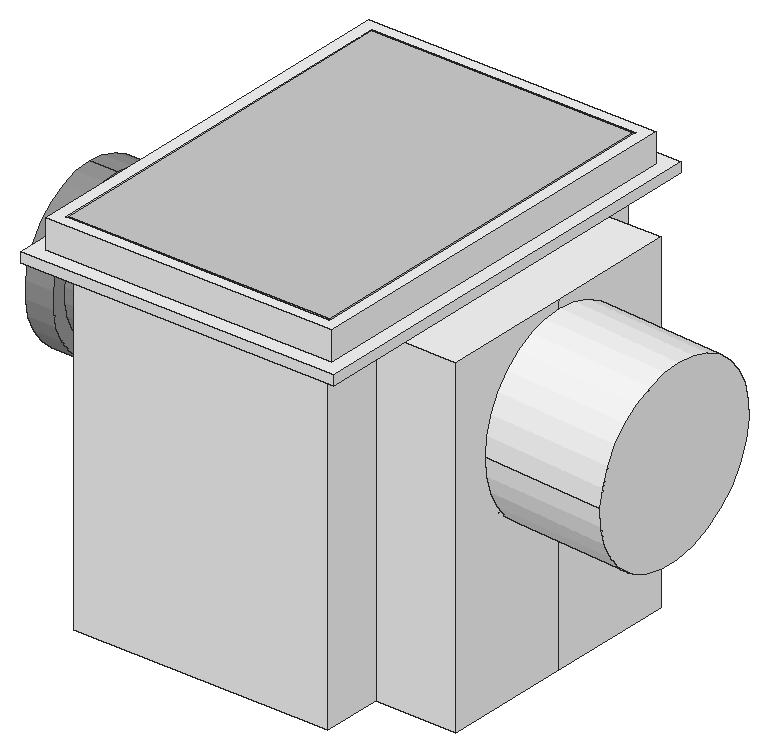
Revit family "HL_Трап для подвалов_HL71.1_7", category Instalační zařizovací předměty, Revit 2016
Family settings
  Typ součásti = Normální
  Kóta kulaté spojky = Použít průměr
  Číslo OmniClass = 23.70.50.21.24.14
  Nadpis OmniClass = Deck Waste Water Drains
  Založené na pracovní rovině = Ne
  Vždy vertikální = Ano
  Ořezat dutým tvarem při načtení = Ne
  Sdílené = Ano
  Bod výpočtu místnosti = Ano
Parameters (values of type "HL_Трап для подвалов_HL71.1_7")
  РЕШЁТКА = "155x225 mm/ ABS"
  РАЗМЕР = "DN110"
  ПРОПУСКНАЯ СПОСОБНОСТЬ [instance] = 0.0 L/s
  ПРОИЗВОДИТЕЛЬНОСТЬ = "2,3 l/s"
  ПРИЁМНОЕ ОТВЕРСТИЕ = "DN75"
  ПРАВОВАЯ ИНФОРМАЦИЯ = "\"Авторские права(©), права на дизайн или какие либо другие права интелектуальной собственности являются исключительной собственностью компании HL Hutterer & Lechner. Изменению не подлежит. Файл семейства с данными о прозводителе изделия защищен паролем с водяным знаком.\""
  ПАДЕНИЕ ДАВЛЕНИЯ [instance] = 0.0 Pa
  НОМИНАЛЬНЫЙ ДИАМЕТР 2 [instance] = 75 mm
  НОМИНАЛЬНЫЙ ДИАМЕТР = 110 mm
  НАСАДКА = "170x240 mm"
  МАТЕРИАЛ = "ABS"
  МАКСИМАЛЬНАЯ НАГРУЗКА КЛАССА = "K3 - 300 kg"
  ВЫСОТА МОНТАЖА = "220 mm"
  ВЕС = "1,66 kg"
  Připojení ventilace = no
  Výrobce = "HL Hutterer & Lechner GmbH"
  URL = "http://www.hutterer-lechner.com/ru/products/catalog/roof-drains/HL71.1/7.aspx"
  Připojení odpadu = yes
  Připojení HW = no
  Popis = "Трап для подвалов"
  Model = "HL71.1_7"
  Komentáře k typům = "Трап для подвалов DN110 горизонтальный с входным отверстием DN75, 170х240мм/155х225мм синтетический материал"
  Keynote = "HL71.1_7"
  Высота монтажа [instance] = 0 mm
  Připojení CW = no
  FO [instance] = FI1 + ПРОПУСКНАЯ СПОСОБНОСТЬ  # 0.0 L/s
  FI1 [instance] = 0.0 L/s
  EAN = "9003076711703"
  D2 [instance] = 155 mm
  D1 [instance] = 192.3 mm
  D [instance] = Высота монтажа + 56.6 mm  # 56.6 mm
  C [instance] = Высота монтажа + 95 mm  # 95 mm
  B [instance] = Высота монтажа + 86.1 mm  # 86.1 mm
  A [instance] = if(B - 100 mm > 15 mm, B - 100 mm, 15 mm)  # 15 mm
Reference planes
  plane 1 "Center (Front/Back)": y = 0
  plane 2: z = 0
  plane 3 "Center (Left/Right)": x = 0
  plane 4 "Ball Joint Vertical": x = 25.45
  plane 5: z = 0
  plane 6: z = -86.1
Lines and regions (mm)
  model lines, style "InvisibleLines"
    curve 1: line (0, 0, 0) -> (0, 0, 560)
  reference lines
    curve 2: line (162.3, 0, -86.1) -> (192.3, 0, -86.1)
    curve 6: line (-39, 0, -95) -> (-155, 0, -95)
  model lines, detail levels coarse+medium
    curve 3: line (0, 0, -86.1) -> (0, 0, -71.1)
    curve 4: line (0, 0, -71.1) -> (71.1, 0, 0)
    curve 5: line (0, 0, -71.1) -> (-71.1, 0, 0)
    curve 7: line (0, 0, -86.1) -> (192.3, 0, -86.1)
  symbolic lines, style "PlumbingFixtures", detail levels coarse+medium
    curve 8: line (-75, 75, 0) -> (75, 75, 0)
    curve 9: line (-75, -75, 0) -> (-75, 75, 0)
    curve 10: line (75, -75, 0) -> (-75, -75, 0)
    curve 11: line (75, 75, 0) -> (75, -75, 0)
    curve 12: line (-75, 75, 0) -> (-145.711, 145.711, 0)
    curve 13: line (75, 75, 0) -> (145.711, 145.711, 0)
    curve 14: line (-75, -75, 0) -> (-145.711, -145.711, 0)
    curve 15: line (75, -75, 0) -> (145.711, -145.711, 0)
  symbolic lines, style "PlumbingFixtures", not visible, detail levels coarse+medium
    curve 16: line (-75, 75, 0) -> (75, 75, 0)
    curve 17: line (-75, -75, 0) -> (-75, 75, 0)
    curve 18: line (75, -75, 0) -> (-75, -75, 0)
    curve 19: line (75, 75, 0) -> (75, -75, 0)
    curve 20: line (-75, 75, 0) -> (-145.711, 145.711, 0)
    curve 21: line (75, 75, 0) -> (145.711, 145.711, 0)
    curve 22: line (-75, -75, 0) -> (-145.711, -145.711, 0)
    curve 23: line (75, -75, 0) -> (145.711, -145.711, 0)
Text (mm)
  text "FLOOR" at (-198.233, 0, -26.556), in view "вид строительства"
Dimensions and locks
  locked: plane 4 "Ball Joint Vertical" to plane 3 "Center (Left/Right)" at 25.45
  "Высота монтажа": plane 2 to plane 5
  "A": curve 5 to plane 6
  "B": curve 5 to plane 6
  "B": curve 4 to plane 6
  "B": plane 2 to plane 6
  "C": plane 2 to curve 6
  "B": plane 2 to curve 7
  "D2": plane 3 "Center (Left/Right)" to curve 6
  "D1": curve 2 to plane 3 "Center (Left/Right)"
  "D1": curve 7 to plane 3 "Center (Left/Right)"
  locked: curve 4 to plane 3 "Center (Left/Right)" (angle 45.00°)
  locked: plane 3 "Center (Left/Right)" to curve 5 (angle 45.00°)
  aligned and locked: level to plane 2
  aligned and locked: plane 2 to curve 1
  aligned and locked: plane 3 "Center (Left/Right)" to curve 1
  aligned and locked: plane 3 "Center (Left/Right)" to curve 5
  aligned and locked: curve 2 to plane 6
  aligned and locked: plane 3 "Center (Left/Right)" to nested 1
  aligned and locked: plane 5 to nested 1
  aligned and locked: plane 3 "Center (Left/Right)" to nested 2
Automatic sketch dimensions
  level to curve 1 = 560 mm
  curve 6 to plane 3 "Center (Left/Right)" = 39 mm
  curve 2 to curve 2 = 30 mm
Nested families
  nested 1: "HL-Трап для подвалов-HL71.1-7" at (0, 0, 0), type "HL-Трап для подвалов-HL71.1-7"
  nested 2: "HL-Решетка для сливного отверстия из пластмассы-HL071.1E" at (0, 0, 0), type "HL-Решетка для сливного отверстия из пластмассы-HL071.1E"
Connectors
  piping at (192.3, 0, -86.1), diameter 110, driven by "НОМИНАЛЬНЫЙ ДИАМЕТР", driven by "FO"
    settings: on curve 2, index 1, connector inside diameter 609.6 mm, connector length 0 mm, flow factor 0, pipe flow 0.0 L/s, pressure drop 0.0 Pa, fitting loss kfactor 0, connector angle 0.00°, fixture units 0, engagement length 0 mm, angle of deflection 0.00°, flow configuration 1, flow direction 2, fitting loss method 0, system type 16, joint type 0, gender type 0, connector reference index 2, connector utility 0, adjustable connector yes, is connector primary no, connector description ""
  piping at (-155, 0, -95), diameter 75, driven by "НОМИНАЛЬНЫЙ ДИАМЕТР 2", driven by "ПАДЕНИЕ ДАВЛЕНИЯ", driven by "FI1"
    settings: on curve 6, index 2, connector inside diameter 609.6 mm, connector length 0 mm, flow factor 1, pipe flow 0.0 L/s, pressure drop 0.0 Pa, fitting loss kfactor 0, connector angle 0.00°, fixture units 0, engagement length 0 mm, angle of deflection 0.00°, flow configuration 2, flow direction 1, fitting loss method 0, system type 16, joint type 0, gender type 0, connector reference index 1, connector utility 0, adjustable connector yes, is connector primary yes, connector description ""
Definition of nested family "HL-Трап для подвалов-HL71.1-7"
  Parameters (values of type "HL-Трап для подвалов-HL71.1-7")
    Manufacturer = ""
    URL = ""
    Description = ""
    Model = ""
    Type Comments = ""
    Cost = 0
  Reference planes
    plane 1 "Střed (vpředu/vzadu)": y = 0
    plane 2: z = 0
    plane 3 "Střed (vlevo/vpravo)": x = 0
  Forms (mm)
    Extrusion 1, solid, detail levels fine
      sketch origin (24, 0, 0) x (-1, 0, 0) y (0, -1, 0)
        loop
          line (109, -120) -> (109, 120) -> (-61, 120) -> (-61, -120) -> (109, -120)
        loop
          line (-54.5, 113.5) -> (-54.5, -113.5) -> (102.5, -113.5) -> (102.5, 113.5) -> (-54.5, 113.5)
      from 0 to -17
    Extrusion 2, solid, detail levels fine
      sketch origin (24, 0, -17) x (0, -1, 0) y (-1, 0, 0)
        loop
          line (-129, 117) -> (-129, -69) -> (129, -69) -> (129, 117) -> (-129, 117)
      from 0 to 6
    Extrusion 3, solid, detail levels fine
      sketch origin (24, 0, -23) x (1, 0, 0) y (0, -1, 0)
        loop
          line (99.5, 0) -> (99.5, 76) -> (51.5, 76) -> (51.5, 111) -> (-99.5, 111) -> (-99.5, 0) -> (-99.5, -111) -> (51.5, -111) -> (51.5, -76) -> (99.5, -76) -> (99.5, 0)
      from 0 to 197
    Revolve 4, solid, detail levels fine
      sketch origin (24, 0, 0) x (-1, 0, 0) y (0, 0, 1)
        loop
          line (179, -95) -> (179, -46.999) -> (162.368, -46.999) -> (162.368, -54.999) -> (113.788, -54.999) -> (113.788, -38.836) -> (99.5, -38.836) -> (99.5, -95) -> (179, -95)
        axis (179, -95) -> (99.5, -95)
      angle from 0 to 360
    Sweep 5, solid, detail levels fine
      path origin (24, 0, 0) x (-1, 0, 0) y (0, 0, 1)
        loop
          line (-99.5, -27.427) -> (-170.999, -31.174)
      profile origin (159.25, 0, -29.301) x (-0.052336, 0, -0.99863) y (0, 1, 0)
        loop
          circle (55, 0) r 55
  Dimensions and locks
    aligned and locked: level to plane 2
Definition of nested family "HL-Решетка для сливного отверстия из пластмассы-HL071.1E"
  Parameters
    РАЗМЕР = "155x225mm"
    ПРАВОВАЯ ИНФОРМАЦИЯ = "\"Copyright (©), design rights or any other intellectual property rights, shall be the exclusive property of HL Hutterer & Lechner GmbH. Modification is not allowed. Family has been watermarked.\""
    МАТЕРИАЛ = "ABS"
    МАКСИМАЛЬНАЯ НАГРУЗКА КЛАССА = "K3 - 300kg"
    ВЕС = "0,28 kg"
    Manufacturer = "HL Hutterer & Lechner GmbH"
    URL = "http://www.hutterer-lechner.com/en/products/catalog/roof-drains/HL071.1E.aspx"
    Description = "Attachments"
    Model = "HL071.1E"
    Type Comments = "plastic grate 155x225mm"
    Keynote = "HL071.1E"
    EAN = "9003076007110"
    Cost = 0
  Types (2, lengths in mm): name | ПРАВОВАЯ ИНФОРМАЦИЯ | URL | Description | Type Comments
    (no name) | "\"Copyright (©), design rights or any other intellectual property rights, shall be the exclusive property of HL Hutterer & Lechner GmbH. Modification is not allowed. Family has been watermarked.\"" | "http://www.hutterer-lechner.com/en/products/catalog/roof-drains/HL071.1E.aspx" | "Attachments" | "plastic grate 155x225mm"
    HL-Решетка для сливного отверстия из пластмассы-HL071.1E | "\"Авторские права(©), права на дизайн или какие либо другие права интелектуальной собственности являются исключительной собственностью компании HL Hutterer & Lechner. Изменению не подлежит. Файл семейства с данными о прозводителе изделия защищен паролем с водяным знаком.\"" | "http://www.hutterer-lechner.com/ru/products/catalog/roof-drains/HL071.1E.aspx" | "Вспомогательные материалы" | "Решетка для сливного отверстия из пластмассы 155х225м"
  Reference planes
    plane 1 "Střed (vpředu/vzadu)": y = 0
    plane 2: z = 0
    plane 3 "Střed (vlevo/vpravo)": x = 0
  Forms (mm)
    Extrusion 1, solid, detail levels fine
      sketch origin (0, 0, 0) x (1, 0, 0) y (0, 1, 0)
        loop
          line (77.5, -112.5) -> (77.5, 112.5) -> (-77.5, 112.5) -> (-77.5, -112.5) -> (77.5, -112.5)
      from 0 to -20
  Lines and regions (mm)
    model lines, detail levels fine
      curve 1: line (59, -95, 0) -> (51, -95, 0)
      curve 2: line (59, -45, 0) -> (59, -95, 0)
      curve 3: line (51, -45, 0) -> (59, -45, 0)
      curve 4: line (51, -95, 0) -> (51, -45, 0)
      curve 5: line (37, -95, 0) -> (29, -95, 0)
      curve 6: line (37, -7, 0) -> (37, -95, 0)
      curve 7: line (29, -7, 0) -> (37, -7, 0)
      curve 8: line (29, -95, 0) -> (29, -7, 0)
      curve 9: line (15, -95, 0) -> (7, -95, 0)
      curve 10: line (15, -7, 0) -> (15, -95, 0)
      curve 11: line (7, -7, 0) -> (15, -7, 0)
      curve 12: line (7, -95, 0) -> (7, -7, 0)
      curve 13: line (59, -35, 0) -> (51, -35, 0)
      curve 14: line (59, 35, 0) -> (59, -35, 0)
      curve 15: line (51, 35, 0) -> (59, 35, 0)
      curve 16: line (51, -35, 0) -> (51, 35, 0)
      curve 17: line (59, 45, 0) -> (51, 45, 0)
      curve 18: line (59, 95, 0) -> (59, 45, 0)
      curve 19: line (51, 95, 0) -> (59, 95, 0)
      curve 20: line (51, 45, 0) -> (51, 95, 0)
      curve 21: line (37, 7, 0) -> (29, 7, 0)
      curve 22: line (37, 95, 0) -> (37, 7, 0)
      curve 23: line (29, 95, 0) -> (37, 95, 0)
      curve 24: line (29, 7, 0) -> (29, 95, 0)
      curve 25: line (15, 7, 0) -> (7, 7, 0)
      curve 26: line (15, 95, 0) -> (15, 7, 0)
      curve 27: line (7, 95, 0) -> (15, 95, 0)
      curve 28: line (7, 7, 0) -> (7, 95, 0)
      curve 29: line (-59, -95, 0) -> (-51, -95, 0)
      curve 30: line (-59, -45, 0) -> (-59, -95, 0)
      curve 31: line (-51, -45, 0) -> (-59, -45, 0)
      curve 32: line (-51, -95, 0) -> (-51, -45, 0)
      curve 33: line (-37, -95, 0) -> (-29, -95, 0)
      curve 34: line (-37, -7, 0) -> (-37, -95, 0)
      curve 35: line (-29, -7, 0) -> (-37, -7, 0)
      curve 36: line (-29, -95, 0) -> (-29, -7, 0)
      curve 37: line (-15, -95, 0) -> (-7, -95, 0)
      curve 38: line (-15, -7, 0) -> (-15, -95, 0)
      curve 39: line (-7, -7, 0) -> (-15, -7, 0)
      curve 40: line (-7, -95, 0) -> (-7, -7, 0)
      curve 41: line (-59, -35, 0) -> (-51, -35, 0)
      curve 42: line (-59, 35, 0) -> (-59, -35, 0)
      curve 43: line (-51, 35, 0) -> (-59, 35, 0)
      curve 44: line (-51, -35, 0) -> (-51, 35, 0)
      curve 45: line (-59, 45, 0) -> (-51, 45, 0)
      curve 46: line (-59, 95, 0) -> (-59, 45, 0)
      curve 47: line (-51, 95, 0) -> (-59, 95, 0)
      curve 48: line (-51, 45, 0) -> (-51, 95, 0)
      curve 49: line (-37, 7, 0) -> (-29, 7, 0)
      curve 50: line (-37, 95, 0) -> (-37, 7, 0)
      curve 51: line (-29, 95, 0) -> (-37, 95, 0)
      curve 52: line (-29, 7, 0) -> (-29, 95, 0)
      curve 53: line (-15, 7, 0) -> (-7, 7, 0)
      curve 54: line (-15, 95, 0) -> (-15, 7, 0)
      curve 55: line (-7, 95, 0) -> (-15, 95, 0)
      curve 56: line (-7, 7, 0) -> (-7, 95, 0)
  Dimensions and locks
    aligned and locked: level to plane 2
